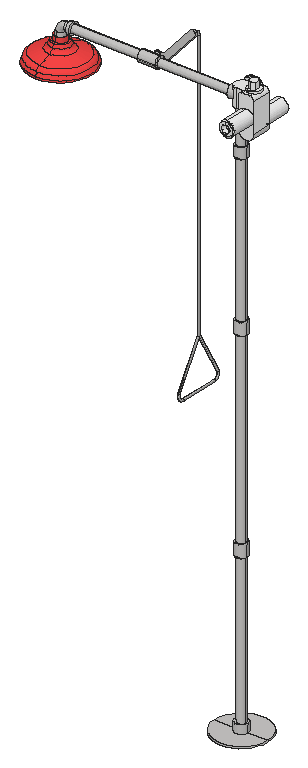
Revit family "Emergency_Equipment-Tepid-Floor_Mounted_Shower-T3015", category Plumbing Fixtures, Revit 2016
Family settings
  Part Type = Normal
  Round Connector Dimension = Use Diameter
  OmniClass Number = 23.45.05.14.24
  OmniClass Title = Eye Wash Fountains
  Work Plane-Based = No
  Always vertical = Yes
  Cut with Voids When Loaded = No
  Shared = No
  Room Calculation Point = No
Parameters (values of type "T3015-SS-NUL-NAAB")
  Version = "2016-v1.0a"  # constant formula
  Showerhead Material = Plastic - Stingray - ABS AB
  Shower Pull Height = 43.00"  # constant formula
  SS Showerhead = no
  Width = 11.80"  # constant formula
  Waste Connection = no
  Vent Connection = no
  URL = "www.tepid.com"
  Product Page URL = "http://www.tepid.com/products/t3015/"
  Product Name = "Floor Mounted Barrier Free Emergency Shower"  # constant formula
  Product Documentation Link = "http://www.tepid.com/wp-content/uploads/SpSh-T3010T3015.pdf"
  Pipe Finish = Metal - Stingray - Stainless Steel SS
  Model = "T3015-SS-NUL-NAAB"
  Manufacturer Phone Number = "(888) 445-4142"  # constant formula
  Manufacturer Email = "customerservice@drenchshower.com"
  Manufacturer Address = "5330 East 25th Street Indianapolis Indiana 46218"  # constant formula
  Manufacturer = "Stingray Systems"  # constant formula
  Length = if(AB Showerhead, 36.60", 32.50")  # 36.60"
  Height = 93.60"  # constant formula
  HW Diameter = 1 1/4"  # constant formula
  HW Connection = yes
  Dimension Disclaimer = "Dimensions are ±0.50”. Design and specifications are subject to change without notice."  # constant formula
  Description = "Floor Mounted Emergency Shower"  # constant formula
  Copyright = "© 2019 Stingray Systems"  # constant formula
  Supply Connection = 1"
  CW Diameter = 1 1/4"  # constant formula
  CW Connection = yes
  Base Finish = Metal - Stingray - Stainless Steel SS
  AB Showerhead = yes
Types (7): name | Showerhead Material | SS Showerhead | Pipe Finish | Model | Length | Base Finish | AB Showerhead
  (no name) | Plastic - Stingray - ABS AB | no | Metal - Stingray - Stainless Steel SS | "T3015-SS-NUL-NAAB" | 36.60" | Metal - Stingray - Stainless Steel SS | yes
  T3015-GA-NUL-NASS | Metal - Stingray - Stainless Steel SS | yes | Metal - Stingray - Galvanized GA | "T3015-GA-NUL-NASS" | 32.50" | Metal - Stingray - Epoxy Coated EP | no
  T3015-GA-NUL-NAAB | Plastic - Stingray - ABS AB | no | Metal - Stingray - Galvanized GA | "T3015-GA-NUL-NAAB" | 36.60" | Metal - Stingray - Epoxy Coated EP | yes
  T3015-EP-NUL-NASS | Metal - Stingray - Stainless Steel SS | yes | Metal - Stingray - Epoxy Coated EP | "T3015-EP-NUL-NASS" | 32.50" | Metal - Stingray - Epoxy Coated EP | no
  T3015-EP-NUL-NAAB | Plastic - Stingray - ABS AB | no | Metal - Stingray - Epoxy Coated EP | "T3015-EP-NUL-NAAB" | 36.60" | Metal - Stingray - Epoxy Coated EP | yes
  T3015-SS-NUL-NAAB | Plastic - Stingray - ABS AB | no | Metal - Stingray - Stainless Steel SS | "T3015-SS-NUL-NAAB" | 36.60" | Metal - Stingray - Stainless Steel SS | yes
  T3015-SS-NUL-NASS | Metal - Stingray - Stainless Steel SS | yes | Metal - Stingray - Stainless Steel SS | "T3015-SS-NUL-NASS" | 32.50" | Metal - Stingray - Stainless Steel SS | no
Reference planes (in)
  plane 1 "Center (Front/Back)": y = 0
  plane 2: z = 0
  plane 3 "Center (Left/Right)": x = 0
  plane 4 "Top": z = 93.6827754
  plane 5: y = 5.5
  plane 6: y = -5.5
  plane 7: z = 82.6827754
  plane 8 "Handle": z = 43
  plane 9: x = -28
  plane 10: y = 1.5
  plane 11: y = -1.5
  plane 12: z = 88.3825
  plane 13 "P": x = -6.3841164
  plane 14: z = 93.6
  plane 15: x = -32.4838845
  plane 16: x = 4.1161155
  plane 17: y = 6.3
Forms (in)
  Revolve 1, solid, material "Metal - Stingray - Stainless Steel SS" <- "Base Finish"
    sketch origin (0, 0, 0) x (1, 0, 0) y (0, 0, 1)
      loop
        line (-4.1161155, 0.2538725) -> (-4.1161155, 0) -> (0, 0) -> (0, 1.4845553) -> (-1, 1.4845553) -> (-1, 0.2538725) -> (-4.1161155, 0.2538725)
      axis (0, 1.4845553) -> (0, 0)
    angle from 0 to 360
  Revolve 2, solid, material "Metal - Stingray - Stainless Steel SS" <- "Pipe Finish"
    sketch origin (0, 0, 0) x (1, 0, 0) y (0, 0, 1)
      loop
        line (0, 0) -> (0, 88.3272246) -> (-0.6234152, 88.3272246) -> (-0.6234152, 81.5025) -> (-0.8050291, 81.5025) -> (-0.8745598, 81.4329693) -> (-0.8745598, 79.8845307) -> (-0.8050291, 79.815) -> (-0.6234152, 79.815) -> (-0.6234152, 57.3035098) -> (-0.8050291, 57.3035098) -> (-0.8745598, 57.2339791) -> (-0.8745598, 55.3589469) -> (-0.8050291, 55.2894162) -> (-0.6234152, 55.2894162) -> (-0.6234152, 26.5000702) -> (-0.8050291, 26.5000702) -> (-0.8745598, 26.4305396) -> (-0.8745598, 24.5555074) -> (-0.8050291, 24.4859767) -> (-0.6234152, 24.4859767) -> (-0.6234152, 0) -> (0, 0)
      axis (0, 88.3272246) -> (0, 0)
    angle from 0 to 360
  Sweep 3, solid, material "Metal - Stingray - Stainless Steel SS" <- "Pipe Finish"
    path origin (0, 0, 0) x (1, 0, 0) y (0, 0, 1)
      loop
        arc (-28, 87.3825) -> (-27.7071068, 88.0896068) -> (-27, 88.3825) r 1
        line (-27, 88.3825) -> (-25.75, 88.3825)
    profile origin (-26.375, 0, 88.3825) x (0, 0, 1) y (0, -1, 0)
      loop
        circle (0, 0) r 0.5625
  Sweep 4, solid, material "Metal - Stingray - Stainless Steel SS"
    path origin (-6.3841164, 0, 0) x (0, 0, -1) y (0, -1, 0)
      loop
        line (-93.0954092, -1.5) -> (-93.0954092, -2)
        arc (-93.0954092, -2) -> (-92.9400791, -2.375) -> (-92.5650791, -2.5303301) r 0.5303301
        line (-92.5650791, -2.5303301) -> (-50.7885537, -2.5303301) -> (-44.3459517, -6.2499681)
        arc (-44.3459517, -6.2499681) -> (-43.565988, -6.2271557) -> (-43.15625, -5.5630934) r 0.8222872
        line (-43.15625, -5.5630934) -> (-43.15625, 0.5024333)
        arc (-43.15625, 0.5024333) -> (-43.565988, 1.1664955) -> (-44.3459517, 1.1893079) r 0.8222872
        line (-44.3459517, 1.1893079) -> (-50.8508822, -2.5663154)
    profile origin (-6.3841164, 1.75, 93.0954092) x (0, 0, -1) y (-1, 0, 0)
      loop
        circle (0, 2.2862523) r 0.1194136
  Extrusion 5, solid, material "Metal - Stingray - Stainless Steel SS"
    sketch origin (5.25, 0, 0) x (1, 0, 0) y (0, 0, 1)
      loop
        circle (-19.2551791, 88.3825) r 0.3862082
    from -1.3240169 to 0
  Revolve 6, solid, material "Metal - Stingray - Stainless Steel SS" <- "Pipe Finish"
    sketch origin (0, 0, 0) x (1, 0, 0) y (0, 0, 1)
      loop
        line (-1.5519939, 87.7590848) -> (-1.5519939, 87.5774709) -> (-1.4824632, 87.5079402) -> (0, 87.5079402) -> (0, 88.3825) -> (-26.5, 88.3825) -> (-26.5, 87.5079402) -> (-26, 87.5079402) -> (-26, 87.7590848) -> (-1.5519939, 87.7590848)
      axis (0, 88.3825) -> (-26.5, 88.3825)
    angle from 0 to 360
  Revolve 7, solid, material "Metal - Stingray - Stainless Steel SS"
    sketch origin (0, 0, 0) x (1, 0, 0) y (0, 0, 1)
      loop
        line (-12.5889043, 88.3825) -> (-15.4110957, 88.3825) -> (-15.4110957, 87.5774709) -> (-15.341565, 87.5079402) -> (-12.658435, 87.5079402) -> (-12.5889043, 87.5774709) -> (-12.5889043, 88.3825)
      axis (-12.5889043, 88.3825) -> (-15.4110957, 88.3825)
    angle from 0 to 360
  Revolve 8, solid, material "Metal - Stingray - Nickel"
    sketch origin (1.9605694, 0.0129745, 83.8872092) x (0, 0, -1) y (0, -1, 0)
      loop
        line (-1.3336541, -0.4974474) -> (-2.4586541, -0.4974474) -> (-2.4586541, -5.2195117) -> (-2.2894069, -5.3575089) -> (-1.7086541, -5.3575089) -> (-1.7086541, -4.6075089) -> (-1.3336541, -4.6075089) -> (-1.3336541, -0.4974474)
      axis (-1.3336541, -0.4974474) -> (-1.3336541, -5.3575089)
    angle from 0 to 360
  Revolve 9, solid, material "Metal - Stingray - Nickel"
    sketch origin (1.9605694, -1.4870255, 85.2309592) x (0, 0, -1) y (0, -1, 0)
      loop
        line (-1.3294228, -1.4974474) -> (-0.1731728, -1.4974474) -> (-0.1731728, 3.7609719) -> (-0.31117, 3.8989691) -> (-0.6887978, 3.8989691) -> (-0.6887978, 3.1489691) -> (-1.3294228, 3.1489691) -> (-1.3294228, -1.4974474)
      axis (-1.3294228, 3.8989691) -> (-1.3294228, -1.4974474)
    angle from 0 to 360
  Revolve 10, solid, material "Metal - Stingray - Nickel"
    sketch origin (0.0209786, 0.0078693, 92.286763) x (0, 0, 1) y (0, 1, 0)
      loop
        line (-3.9570073, 2.4568158) -> (-3.9570073, -0.2548666) -> (-3.4130622, -0.2548666) -> (-3.4130622, 1.4070843) -> (-3.5970357, 1.4070843) -> (-3.5970357, 1.8309269) -> (-2.5094274, 1.8309269) -> (-2.5094274, 2.2068158) -> (-2.3957966, 2.2068158) -> (-2.3957966, 2.4568158) -> (-3.9570073, 2.4568158)
      axis (-3.9570073, 2.4568158) -> (-3.9570073, -0.2548666)
    angle from 0 to 360
  Extrusion 11, solid, material "Metal - Stingray - Nickel"
    sketch origin (4.2105694, 0.0104219, 28.7119861) x (0, 1, 0) y (-1, 0, 0)
      loop
        circle (0, 2.1989068) r 1
    from 61.0252385 to 61.2505139
  Extrusion 12, solid, material "Metal - Stingray - Nickel"
    sketch origin (4.2105694, 0.0104219, 28.7119861) x (0, 1, 0) y (-1, 0, 0)
      loop
        line (-0.3117691, 2.784295) -> (-0.6329153, 2.2280536) -> (-0.3305231, 1.704295) -> (0.3117691, 1.704295) -> (0.6235383, 2.244295) -> (0.3117691, 2.784295) -> (-0.3117691, 2.784295)
    from 61.2505139 to 62.3115139
  Extrusion 13, solid, material "Metal - Stingray - Nickel"
    sketch origin (2.2862523, 0, -0.6922246) x (1, 0, 0) y (0, 0, 1)
      loop
        line (-1.4999779, 89.8047246) -> (-1.4999779, 85.2680741)
        arc (-1.4999779, 85.2680741) -> (-0.3199779, 84.0880741) -> (0.8600221, 85.2680741) r 1.18
        line (0.8600221, 85.2680741) -> (0.8600221, 89.8047246)
        arc (0.8600221, 89.8047246) -> (0.6696415, 90.264344) -> (0.2100221, 90.4547246) r 0.65
        line (0.2100221, 90.4547246) -> (-0.8499779, 90.4547246)
        arc (-0.8499779, 90.4547246) -> (-1.3095973, 90.264344) -> (-1.4999779, 89.8047246) r 0.65
    from -1.4045318 to 1.490865
  Extrusion 14, solid, material "Metal - Stingray - Nickel"
    sketch origin (4.2105694, 0.0104219, 28.7119861) x (0, 1, 0) y (-1, 0, 0)
      loop
        line (-1.1, 4.124295) -> (-1.1, 2.4653999) -> (1.1, 2.4653999) -> (1.1, 4.124295)
        arc (1.1, 4.124295) -> (0, 5.224295) -> (-1.1, 4.124295) r 1.1
    from 58.2905139 to 61.0505139
  Extrusion 15, solid, material "Metal - Stingray - Stainless Steel SS"
    sketch origin (0, 0, 0) x (1, 0, 0) y (0, 0, 1)
      loop
        line (-8.9247214, 93.548737) -> (-12.6924349, 89.1904102)
        arc (-12.6924349, 89.1904102) -> (-12.964197, 89.03385) -> (-13.2401858, 88.8848672) r 11.3371038
        line (-13.2401858, 88.8848672) -> (-14.0214358, 88.8848672)
        arc (-14.0214358, 88.8848672) -> (-14.5214358, 88.3848672) -> (-14.0214358, 87.8848672) r 0.5
        line (-14.0214358, 87.8848672) -> (-13.1347892, 87.8848672)
        arc (-13.1347892, 87.8848672) -> (-12.6036432, 88.1582884) -> (-12.0864255, 88.4572215) r 12.2778994
        line (-12.0864255, 88.4572215) -> (-8.1959026, 92.8615857)
        arc (-8.1959026, 92.8615857) -> (-8.2360581, 93.5490774) -> (-8.9247214, 93.548737) r 0.5016769
    from -1.5 to -1.3240169
  Revolve 16, solid, material "Metal - Stingray - Nickel", not visible
    sketch origin (-0.3256829, 0.0129745, 84.5794338) x (0, 0, -1) y (0, -1, 0)
      loop
        line (-0.6336541, -0.4974474) -> (-1.7586541, -0.4974474) -> (-1.7586541, -5.2195117) -> (-1.5894069, -5.3575089) -> (-1.0086541, -5.3575089) -> (-1.0086541, -4.6075089) -> (-0.6336541, -4.6075089) -> (-0.6336541, -0.4974474)
      axis (-0.6336541, -0.4974474) -> (-0.6336541, -5.3575089)
    angle from 0 to 360
  Revolve 17, solid, material "Metal - Stingray - Nickel", not visible
    sketch origin (-0.3256829, -1.4870255, 85.9231838) x (0, 0, -1) y (0, -1, 0)
      loop
        line (-0.7294228, -1.4974474) -> (0.4268272, -1.4974474) -> (0.4268272, 3.7609719) -> (0.28883, 3.8989691) -> (-0.0887978, 3.8989691) -> (-0.0887978, 3.1489691) -> (-0.7294228, 3.1489691) -> (-0.7294228, -1.4974474)
      axis (-0.7294228, 3.8989691) -> (-0.7294228, -1.4974474)
    angle from 0 to 360
  Revolve 18, solid, material "Metal - Stingray - Nickel", not visible
    sketch origin (-2.2652737, 0.0078693, 92.9789876) x (0, 0, 1) y (0, 1, 0)
      loop
        line (-3.9570073, 2.4568158) -> (-3.9570073, -0.2548666) -> (-3.4130622, -0.2548666) -> (-3.4130622, 1.4070843) -> (-3.5970357, 1.4070843) -> (-3.5970357, 1.8309269) -> (-2.5094274, 1.8309269) -> (-2.5094274, 2.2068158) -> (-2.3957966, 2.2068158) -> (-2.3957966, 2.4568158) -> (-3.9570073, 2.4568158)
      axis (-3.9570073, 2.4568158) -> (-3.9570073, -0.2548666)
    angle from 0 to 360
  Extrusion 19, solid, material "Metal - Stingray - Nickel", not visible
    sketch origin (1.9243171, 0.0104219, 29.4042107) x (0, 1, 0) y (-1, 0, 0)
      loop
        circle (0, 2.1989068) r 1
    from 61.0252385 to 61.2505139
  Extrusion 20, solid, material "Metal - Stingray - Nickel", not visible
    sketch origin (1.9243171, 0.0104219, 29.4042107) x (0, 1, 0) y (-1, 0, 0)
      loop
        line (-0.3117691, 2.784295) -> (-0.6329153, 2.2280536) -> (-0.3305231, 1.704295) -> (0.3117691, 1.704295) -> (0.6235383, 2.244295) -> (0.3117691, 2.784295) -> (-0.3117691, 2.784295)
    from 61.2505139 to 62.3115139
  Extrusion 21, solid, material "Metal - Stingray - Nickel", not visible
    sketch origin (0, 0, 0) x (1, 0, 0) y (0, 0, 1)
      loop
        line (-1.4999779, 89.8047246) -> (-1.4999779, 85.2680741)
        arc (-1.4999779, 85.2680741) -> (-0.3199779, 84.0880741) -> (0.8600221, 85.2680741) r 1.18
        line (0.8600221, 85.2680741) -> (0.8600221, 89.8047246)
        arc (0.8600221, 89.8047246) -> (0.6696415, 90.264344) -> (0.2100221, 90.4547246) r 0.65
        line (0.2100221, 90.4547246) -> (-0.8499779, 90.4547246)
        arc (-0.8499779, 90.4547246) -> (-1.3095973, 90.264344) -> (-1.4999779, 89.8047246) r 0.65
    from -1.4045318 to 1.490865
  Extrusion 22, solid, material "Metal - Stingray - Nickel", not visible
    sketch origin (1.9243171, 0.0104219, 29.4042107) x (0, 1, 0) y (-1, 0, 0)
      loop
        line (-1.1, 4.124295) -> (-1.1, 2.4653999) -> (1.1, 2.4653999) -> (1.1, 4.124295)
        arc (1.1, 4.124295) -> (0, 5.224295) -> (-1.1, 4.124295) r 1.1
    from 58.2905139 to 61.0505139
Cuts and joins
  joined: Revolve 2, Sweep 3, Revolve 6
  joined: Extrusion 5, Revolve 7
  joined: Revolve 9, Revolve 10, Extrusion 11, Extrusion 12, Extrusion 13, Extrusion 14
Lines and regions (in)
  Masking region 1, visible <- "AB Showerhead"
    outline origin (0, 0, 43) x (0, 1, 0) y (-1, 0, 0)
      loop
        line (0.5625, 23.1575607) -> (0.5625, 26) -> (0.8966023, 26) -> (0.8966023, 26.5) -> (0.5599503, 26.5) -> (0.5599503, 28)
        arc (0.5599503, 28) -> (0, 28.5599503) -> (-0.5599503, 28) r 0.5599503
        line (-0.5599503, 28) -> (-0.5599503, 26.5) -> (-0.8966023, 26.5) -> (-0.8966023, 26) -> (-0.5625, 26) -> (-0.5625, 23.1575607)
        arc (-0.5625, 23.1575607) -> (0, 32.875) -> (0.5625, 23.1575607) r 4.875
  Masking region 2, visible <- "AB Showerhead", detail levels medium+fine
    outline origin (0, 0, 43) x (0, 1, 0) y (-1, 0, 0)
      loop
        line (0.5599503, 27.6568458) -> (0.5599503, 28)
        arc (0.5599503, 28) -> (0, 28.5599503) -> (-0.5599503, 28) r 0.5599503
        line (-0.5599503, 28) -> (-0.5599503, 27.6568458)
        arc (-0.5599503, 27.6568458) -> (0, 28.6567337) -> (0.5599503, 27.6568458) r 0.6567337
  Masking region 3, visible <- "AB Showerhead", detail levels fine
    outline origin (0, 0, 43) x (0, 1, 0) y (-1, 0, 0)
      loop
        arc (0.5599503, 27.2480945) -> (0, 28.9375) -> (-0.5599503, 27.2480945) r 0.9375
        line (-0.5599503, 27.2480945) -> (-0.5599503, 27.0156277)
        arc (-0.5599503, 27.0156277) -> (0, 29.1324898) -> (0.5599503, 27.0156277) r 1.1324898
        line (0.5599503, 27.0156277) -> (0.5599503, 27.2480945)
  Masking region 4, visible <- "SS Showerhead"
    outline origin (-4.5464855, -5.8872336, 43) x (0, 1, 0) y (-1, 0, 0)
      loop
        circle (5.8872336, 23.4535145) r 0.8125
  Masking region 5, visible <- "SS Showerhead", detail levels medium+fine
    outline origin (-4.5464855, -5.8872336, 43) x (0, 1, 0) y (-1, 0, 0)
      loop
        circle (5.8872336, 23.4535145) r 0.5999648
  Masking region 6, visible <- "SS Showerhead", detail levels fine
    outline origin (-4.5464855, -5.8872336, 43) x (0, 1, 0) y (-1, 0, 0)
      loop
        circle (5.8872336, 23.4535145) r 0.6991181
  Masking region 7
    outline origin (27.64, 0, 43) x (0, 1, 0) y (-1, 0, 0)
      loop
        arc (3.8372592, 29.1292444) -> (-0.0207071, 31.7560634) -> (-3.8520488, 29.090561) r 4.1161155
        line (-3.8520488, 29.090561) -> (-5.3859946, 29.090561) -> (-5.3859946, 26.8792444) -> (-4.0452018, 26.8792444)
        arc (-4.0452018, 26.8792444) -> (0, 23.5238845) -> (4.0452018, 26.8792444) r 4.1161155
        line (4.0452018, 26.8792444) -> (5.5, 26.8792444) -> (5.5, 29.1292444) -> (3.8372592, 29.1292444)
  Masking region 8, detail levels medium+fine
    outline origin (34.4611996, 9.8865169, 94.375) x (0, 1, 0) y (-1, 0, 0)
      loop
        line (-10.4490169, 62.4611996) -> (-10.4490169, 60.9611996) -> (-10.7831192, 60.9611996) -> (-10.7831192, 60.4611996) -> (-10.4490169, 60.4611996) -> (-10.4490169, 49.8784042) -> (-10.6854371, 49.8784042) -> (-10.7610767, 49.8027646) -> (-10.7610767, 47.1218279) -> (-10.6891254, 47.0498767) -> (-10.457317, 47.0498767) -> (-10.457317, 43.2590698) -> (-11.2733389, 43.2590698) -> (-11.2733389, 43.0014421) -> (-10.457317, 43.0014421) -> (-10.457317, 36.0072253) -> (-10.7628177, 36.0072253) -> (-10.7628177, 34.4611996)
        arc (-10.7628177, 34.4611996) -> (-9.8865169, 33.5848987) -> (-9.010216, 34.4611996) r 0.8763009
        line (-9.010216, 34.4611996) -> (-9.010216, 36.0072253) -> (-9.3240169, 36.0072253) -> (-9.3240169, 43.0014421) -> (-8.5625, 43.0014421) -> (-8.5625, 42.5072253) -> (-8.3865169, 42.5072253) -> (-8.3865169, 43.0014421) -> (-3.4364683, 43.0014421) -> (-3.4364683, 43.2590698) -> (-8.3865169, 43.2590698) -> (-8.3865169, 48.8996282) -> (-9.011957, 48.8996282) -> (-9.011957, 49.8027646) -> (-9.0875967, 49.8784042) -> (-9.3240169, 49.8784042) -> (-9.3240169, 60.4611996) -> (-8.9899146, 60.4611996) -> (-8.9899146, 60.9611996) -> (-9.3265666, 60.9611996) -> (-9.3265666, 62.4611996)
        arc (-9.3265666, 62.4611996) -> (-9.8865169, 63.0211499) -> (-10.4464671, 62.4611996) r 0.5599503
  Masking region 9, detail levels coarse
    outline origin (33.4973249, 20.0406069, 94.375) x (0, 1, 0) y (-1, 0, 0)
      loop
        arc (-19.4806567, 61.4973249) -> (-20.0406069, 62.0572752) -> (-20.6005572, 61.4973249) r 0.5599503
      loop
        line (-19.4781069, 61.4973249) -> (-19.4781069, 48.9145296) -> (-19.1660471, 48.9145296) -> (-19.1660471, 46.086002) -> (-19.4781069, 46.086002) -> (-19.4781069, 35.0433506) -> (-19.164306, 35.0433506) -> (-19.164306, 33.4973249)
        arc (-19.164306, 33.4973249) -> (-20.0406069, 32.621024) -> (-20.9169078, 33.4973249) r 0.8763009
        line (-20.9169078, 33.4973249) -> (-20.9169078, 35.0433506) -> (-20.611407, 35.0433506) -> (-20.611407, 46.086002) -> (-20.9151667, 46.086002) -> (-20.9151667, 48.9145296) -> (-20.6031069, 48.9145296) -> (-20.6031069, 61.4973249)
  symbolic lines, detail levels fine
    curve 1: line (-8.5402425, 1.3240169, 34.1895908) -> (-14.4384286, 1.3240169, 34.1895908)
    curve 2: line (-26.5, 0.5599503, 34.1895908) -> (-26.5, -0.5625, 34.1895908)
    curve 3: line (-26, 0.5625, 34.1895908) -> (-26, -0.5625, 34.1895908)
    curve 4: line (-15.4172046, 0.5625, 34.1895908) -> (-15.4172046, -0.5625, 34.1895908)
    curve 5: line (-12.5890722, -0.5708001, 34.1895908) -> (-12.5890722, 0.8056496, 34.1895908)
    curve 6: line (-14.4384286, 0.8745598, 34.1895908) -> (-12.6579824, 0.8745598, 34.1895908)
    curve 7: line (-12.6579824, 0.8745598, 34.1895908) -> (-12.5890722, 0.8056496, 34.1895908)
    curve 8: line (-8.5402425, 0.5625, 34.1895908) -> (-12.5890722, 0.5625, 34.1895908)
    curve 9: line (-8.7978702, 0.5625, 34.1895908) -> (-8.7978702, 1.3240169, 34.1895908)
    curve 10: line (-13.9289683, 1.3240169, 34.1895908) -> (-13.9289683, 0.8745598, 34.1895908)
    curve 11: arc (0, 0.8763009, 34.1895908) -> (-0.8763009, 0, 34.1895908) -> (0, -0.8763009, 34.1895908) r 0.8763009
  symbolic lines, detail levels medium+fine
    curve 12: line (-1.4637256, 3.8495295, 34.1895908) -> (-1.4637256, 0.879374, 34.1895908)
    curve 13: line (0.7862744, 4.0437034, 34.1895908) -> (0.7862744, 0.3931882, 34.1895908)
    curve 14: line (-1.4637256, -3.8433833, 34.1895908) -> (-1.4637256, -0.8732278, 34.1895908)
    curve 15: line (0.7862744, -4.0375572, 34.1895908) -> (0.7862744, -0.3870419, 34.1895908)
    curve 16: line (-2.804987, 0.5655731, 34.1895908) -> (-2.804987, 1.8391074, 34.1895908)
    curve 17: line (-2.804987, 1.8391074, 34.1895908) -> (-3.4590063, 1.8391074, 34.1895908)
    curve 18: line (-3.4590063, 1.8391074, 34.1895908) -> (-3.4590063, 2.4649963, 34.1895908)
    curve 19: line (-3.4590063, 2.4649963, 34.1895908) -> (-1.4637256, 2.4649963, 34.1895908)
    curve 20: line (-1.4637256, 2.4649963, 34.1895908) -> (-1.4637256, 1.8763562, 34.1895908)
    curve 21: line (-1.4637256, 1.8763562, 34.1895908) -> (-1.6973865, 1.8763562, 34.1895908)
    curve 22: line (-1.6973865, 1.8763562, 34.1895908) -> (-1.6973865, 0.5655731, 34.1895908)
Dimensions and locks (in)
  plane 12 to level = 88.3825"
  plane 3 "Center (Left/Right)" to Revolve 1 sketch curve to Revolve 1 sketch curve to Revolve 1 sketch curve to Revolve 1 sketch curve = 0.00" locked, 0.00" locked, 1.00" locked, 3.11612" locked
  Revolve 1 sketch curve to Revolve 1 sketch curve to plane 2 to Revolve 1 sketch curve = 1.23068" locked, 0.25387" locked, 0.00" locked
  equal spacing: plane 6, plane 1 "Center (Front/Back)", plane 5
  locked: plane 4 "Top" to plane 7 at 11
  "Shower Pull Height": plane 8 "Handle" to plane 2
  equal spacing: plane 10, plane 1 "Center (Front/Back)", plane 11
  locked: plane 10 to plane 11 at 3
  plane 4 "Top" to plane 12 = 5.30028"
  locked: plane 10 to Extrusion 5 at 0.1759831
  locked: Sweep 4 sketch curve to plane 4 "Top" at 0.5873662
  locked: Sweep 4 sketch curve to plane 9 at 19.3296313
  plane 4 "Top" to Sweep 4 sketch curve to Sweep 4 sketch curve = 0.58737" locked, 0.53033" locked
  Sweep 4 sketch curve to Sweep 4 sketch curve to Sweep 4 sketch curve to Sweep 4 sketch curve to Sweep 4 sketch curve to plane 8 "Handle" = 0.06233" locked, 6.4426" locked, 0.00" locked, 1.1897" locked, 0.15625" locked
  locked: plane 9 to Extrusion 5 sketch curve at 13.9948209
  Sweep 4 sketch curve to Sweep 4 sketch curve to plane 1 "Center (Front/Back)" to Sweep 4 sketch curve = 3.71964" locked, 2.53033" locked, 1.18931" locked
  plane 9 to Masking region 1 sketch curve to Masking region 1 sketch curve to Masking region 1 sketch curve to Masking region 1 sketch curve to Masking region 1 sketch curve to Masking region 1 sketch curve = 1.50" locked, 0.00" locked, 0.50" locked, 0.00" locked, 2.84244" locked, 0.00" locked
  Masking region 3 sketch curve to plane 1 "Center (Front/Back)" to Masking region 3 sketch curve = 0.55995" locked, 0.55995" locked
  plane 9 to Masking region 3 sketch curve to Masking region 3 sketch curve to Masking region 3 sketch curve to Masking region 3 sketch curve = 0.75191" locked, 0.00" locked, 0.23247" locked, 0.00" locked
  Masking region 2 sketch curve to plane 1 "Center (Front/Back)" to Masking region 2 sketch curve = 0.55995" locked, 0.55995" locked
  plane 9 to Masking region 2 sketch curve to Masking region 2 sketch curve = 0.34315" locked, 0.00" locked
  plane 9 to curve 2 to curve 3 to curve 4 to curve 1 to curve 6 to curve 7 to curve 5 to curve 9 to curve 8 to curve 1 = 1.50" locked, 0.50" locked, 10.5828" locked, 0.97878" locked, 0.00" locked, 1.78045" locked, 0.06891" locked, 3.7912" locked, 0.25763" locked, 0.00" locked
  plane 12 to Revolve 6 sketch curve to Revolve 6 sketch curve to Revolve 6 sketch curve to Revolve 6 sketch curve = 0.00" locked, 0.80503" locked, 0.06953" locked, 0.00" locked
  plane 9 to Revolve 6 sketch curve to Revolve 6 sketch curve = 1.50" locked, 0.50" locked
  plane 3 "Center (Left/Right)" to Revolve 6 sketch curve to Revolve 6 sketch curve = 1.48246" locked, 0.06953" locked
  plane 12 to Revolve 7 sketch curve to Revolve 7 sketch curve = 0.00" locked, 0.87456" locked
  plane 3 "Center (Left/Right)" to Revolve 7 sketch curve to Revolve 7 sketch curve to Revolve 7 sketch curve to Revolve 7 sketch curve = 12.5889" locked, 0.06953" locked, 2.68313" locked, 0.06953" locked
  plane 3 "Center (Left/Right)" to plane 13 "P" = 6.38412"
  plane 9 to Masking region 8 sketch curve to Masking region 8 sketch curve to Masking region 8 sketch curve to Masking region 8 sketch curve = 1.50" locked, 0.00" locked, 0.50" locked, 0.00" locked
  Masking region 8 sketch curve to Masking region 8 sketch curve to Masking region 8 sketch curve to Masking region 8 sketch curve to Masking region 8 sketch curve to Masking region 8 sketch curve to Masking region 8 sketch curve to Masking region 8 sketch curve to Masking region 8 sketch curve to Masking region 8 sketch curve to Masking region 8 sketch curve to Masking region 8 sketch curve to Masking region 8 sketch curve to Masking region 8 sketch curve to plane 3 "Center (Left/Right)" = 0.00" locked, 0.07564" locked, 0.00" locked, 0.90314" locked, 1.84975", 3.79081" locked, 0.00" locked, 0.25763" locked, 0.00" locked, 0.00" locked, 0.49422" locked, 6.50" locked, 0.00" locked, 1.54603" locked
  Masking region 9 sketch curve to Masking region 9 sketch curve to Masking region 9 sketch curve to Masking region 9 sketch curve to Masking region 9 sketch curve to Masking region 9 sketch curve to plane 3 "Center (Left/Right)" = 0.00" locked, 2.82853" locked, 0.00" locked, 11.04265" locked, 0.00" locked, 1.54603" locked
  locked: nested 1 to plane 3 "Center (Left/Right)" at 27.1875  (x2)
  nested 1 to plane 3 "Center (Left/Right)" = 28.00"  (x2)
  locked: nested 1 to plane 3 "Center (Left/Right)" at 28.8125  (x2)
  locked: nested 1 to plane 1 "Center (Front/Back)" at 0.8125  (x2)
  locked: nested 1 to plane 1 "Center (Front/Back)" at 0  (x2)
  locked: plane 1 "Center (Front/Back)" to nested 1 at 0.8125  (x2)
  level to nested 1 = 87.875"  (x2)
  level to nested 1 = 85.6875"  (x2)
  level to nested 1 = 83.50"  (x2)
  locked: nested 2 to plane 3 "Center (Left/Right)" at 23.125  (x2)
  nested 2 to plane 3 "Center (Left/Right)" = 28.00"  (x2)
  locked: nested 2 to plane 3 "Center (Left/Right)" at 32.875  (x2)
  locked: nested 2 to plane 1 "Center (Front/Back)" at 4.875  (x2)
  locked: nested 2 to plane 1 "Center (Front/Back)" at 0  (x2)
  locked: plane 1 "Center (Front/Back)" to nested 2 at 4.875  (x2)
  level to nested 2 = 87.90"  (x2)
  level to nested 2 = 85.40"  (x2)
  level to nested 2 = 82.90"  (x2)
  locked: Revolve 1 sketch curve to plane 3 "Center (Left/Right)" at 1  (x6)
  locked: Revolve 1 sketch curve to plane 3 "Center (Left/Right)" at 4.1161155  (x6)
  locked: Revolve 1 to level at 0.2538725  (x4)
  locked: Revolve 1 to level at 1.4845553  (x4)
  locked: Revolve 1 sketch curve to level at 1.4845553  (x6)
  locked: Revolve 1 sketch curve to level at 0.2538725  (x6)
  locked: Revolve 2 sketch curve to plane 3 "Center (Left/Right)" at 0.6234152  (x9)
  locked: Revolve 2 sketch curve to plane 3 "Center (Left/Right)" at 0.8745598  (x6)
  Revolve 2 sketch curve to level = 88.32722"  (x3)
  locked: Revolve 2 sketch curve to level at 57.3035098  (x3)
  locked: Revolve 2 sketch curve to level at 55.2894162  (x3)
  locked: Revolve 2 sketch curve to level at 26.5000702  (x3)
  locked: Revolve 2 sketch curve to level at 24.4859767  (x3)
  locked: Sweep 3 sketch curve to plane 3 "Center (Left/Right)" at 27
  locked: Sweep 3 sketch curve to plane 3 "Center (Left/Right)" at 28
  Sweep 3 sketch curve to level = 88.3825"  (x3)
  Sweep 3 sketch curve to level = 87.3825"
  Extrusion 12 to Extrusion 11 to Extrusion 14 to Extrusion 14 = 1.061" locked, 0.20" locked, 2.76" locked
  locked: plane 4 "Top" to Extrusion 12 at 3.7202754
  plane 13 "P" to Revolve 8 to Revolve 9 = 9.30044" locked, 0.0625" locked
  cut or joined group of Revolve 9, Revolve 10, Extrusion 11, Extrusion 12, Extrusion 13, Extrusion 14 to cut or joined group of Revolve 9, Revolve 10, Extrusion 11, Extrusion 12, Extrusion 13, Extrusion 14 to plane 12 = 0.22528", 1.35472" locked
  nested 2 to level = 82.90"
  nested 1 to level = 83.50"
  locked: plane 3 "Center (Left/Right)" to plane 16 at 4.1161155
  "Length": plane 15 to plane 16
  "Height": plane 14 to level
  "Width": plane 17 to plane 6
  aligned and locked: plane 2 to level
  aligned and locked: plane 3 "Center (Left/Right)" to Revolve 2 sketch curve
  aligned and locked: nested 1 to plane 9
  aligned and locked: nested 2 to plane 9
  aligned and locked: plane 1 "Center (Front/Back)" to nested 2
  aligned and locked: plane 12 to Extrusion 5 sketch curve
  aligned and locked: plane 1 "Center (Front/Back)" to Extrusion 5
  aligned and locked: plane 1 "Center (Front/Back)" to Sweep 3 sketch curve
  aligned and locked: plane 9 to Masking region 1 sketch curve
  aligned and locked: plane 1 "Center (Front/Back)" to Masking region 1 sketch curve
  aligned and locked: plane 9 to Masking region 4 sketch curve
  aligned and locked: plane 1 "Center (Front/Back)" to Masking region 4 sketch curve
  aligned and locked: plane 1 "Center (Front/Back)" to Masking region 3 sketch curve
  aligned and locked: plane 9 to Masking region 3 sketch curve  (x2)
  aligned and locked: plane 9 to Masking region 6 sketch curve
  aligned and locked: plane 1 "Center (Front/Back)" to Masking region 6 sketch curve
  aligned and locked: plane 9 to Masking region 5 sketch curve
  aligned and locked: plane 1 "Center (Front/Back)" to Masking region 5 sketch curve
  aligned and locked: plane 9 to Masking region 2 sketch curve
  aligned and locked: plane 1 "Center (Front/Back)" to Masking region 2 sketch curve
  aligned and locked: Revolve 2 sketch curve to plane 2
  aligned and locked: plane 3 "Center (Left/Right)" to Revolve 6 sketch curve  (x2)
  aligned and locked: plane 9 to Revolve 6 sketch curve
  aligned and locked: plane 12 to Revolve 6 sketch curve
  aligned and locked: plane 9 to Revolve 7 sketch curve
  aligned and locked: plane 3 "Center (Left/Right)" to Revolve 7 sketch curve
  aligned and locked: plane 12 to Revolve 7 sketch curve
  aligned and locked: plane 9 to Masking region 9 sketch curve
  aligned and locked: plane 1 "Center (Front/Back)" to Masking region 9 sketch curve  (x2)
  aligned and locked: plane 3 "Center (Left/Right)" to Masking region 9 sketch curve
Automatic sketch dimensions
  Revolve 1 sketch curve to level = 0.96462"
  Revolve 1 sketch curve to Revolve 1 sketch curve = 4.20312"
  Revolve 6 sketch curve to Revolve 6 sketch curve = 0.18161"
  Revolve 7 sketch curve to Revolve 7 sketch curve = 0.06953"  (x2)
  curve 11 to plane 3 "Center (Left/Right)" = 0.00"
  plane 1 "Center (Front/Back)" to curve 11 = 0.00"
  curve 7 to plane 10 = 0.69435"
  curve 5 to curve 6 = 0.06891"
  plane 1 "Center (Front/Back)" to curve 4 = 0.5625"
  plane 1 "Center (Front/Back)" to curve 3 = 0.5625"
  curve 2 to curve 3 = 0.00"
  plane 1 "Center (Front/Back)" to curve 5 = 0.5708"
  curve 11 to plane 11 = 0.6237"
  curve 2 to plane 1 "Center (Front/Back)" = 0.55995"
  curve 4 to plane 1 "Center (Front/Back)" = 0.5625"
  curve 2 to curve 3 = 0.00255"
  curve 9 to plane 1 "Center (Front/Back)" = 0.5625"
  curve 1 to plane 10 = 0.17598"
  curve 10 to curve 6 = 0.50946"
  Sweep 4 sketch curve to plane 10 = 0.00"
  plane 5 to Sweep 4 sketch curve = 0.01503"
  Sweep 4 sketch curve to Sweep 4 sketch curve = 0.36882"
  plane 1 "Center (Front/Back)" to Sweep 4 sketch curve = 0.45437"
  Sweep 4 sketch curve to Sweep 4 sketch curve = 0.82088"
  Sweep 4 sketch curve to Sweep 4 sketch curve = 0.03599"
  Masking region 1 sketch curve to Masking region 1 sketch curve = 0.00"  (x2)
  plane 1 "Center (Front/Back)" to Masking region 1 sketch curve = 0.55995"
  plane 1 "Center (Front/Back)" to Masking region 1 sketch curve = 0.5625"
  Masking region 1 sketch curve to Masking region 1 sketch curve = 0.33665"
  Masking region 1 sketch curve to Masking region 1 sketch curve = 0.3341"
  Masking region 2 sketch curve to Masking region 2 sketch curve = 0.00"  (x2)
  Masking region 3 sketch curve to Masking region 3 sketch curve = 0.00"  (x2)
  Masking region 8 sketch curve to plane 3 "Center (Left/Right)" = 0.00"
  Masking region 8 sketch curve to plane 9 = 0.00"  (x2)
  plane 1 "Center (Front/Back)" to Masking region 8 sketch curve = 0.00"  (x2)
  Masking region 8 sketch curve to plane 10 = 0.00"  (x2)
  plane 1 "Center (Front/Back)" to Masking region 8 sketch curve = 0.5625"
  Masking region 8 sketch curve to Masking region 8 sketch curve = 0.00"
  plane 1 "Center (Front/Back)" to Masking region 8 sketch curve = 0.5708"  (x2)
  Masking region 8 sketch curve to Masking region 8 sketch curve = 0.23642"  (x2)
  Masking region 8 sketch curve to Masking region 8 sketch curve = 0.23181"
  Masking region 8 sketch curve to Masking region 8 sketch curve = 0.07195"  (x2)
  Masking region 8 sketch curve to Masking region 8 sketch curve = 0.3055"
  Masking region 8 sketch curve to Masking region 8 sketch curve = 0.3341"  (x2)
  Masking region 8 sketch curve to plane 11 = 0.11318"
  Masking region 8 sketch curve to plane 1 "Center (Front/Back)" = 0.55995"
  Masking region 8 sketch curve to plane 1 "Center (Front/Back)" = 0.5625"  (x2)
  Masking region 8 sketch curve to Masking region 8 sketch curve = 0.62544"
  Masking region 8 sketch curve to Masking region 8 sketch curve = 0.17598"
  plane 5 to Masking region 8 sketch curve = 0.95005"
  Masking region 9 sketch curve to plane 9 = 0.00"  (x2)
  plane 1 "Center (Front/Back)" to Masking region 9 sketch curve = 0.5625"
  plane 1 "Center (Front/Back)" to Masking region 9 sketch curve = 0.5708"
  Masking region 9 sketch curve to Masking region 9 sketch curve = 0.30376"
  Masking region 9 sketch curve to Masking region 9 sketch curve = 0.3055"
  Masking region 9 sketch curve to plane 1 "Center (Front/Back)" = 0.5625"
  Masking region 9 sketch curve to Masking region 9 sketch curve = 0.3138"
  Masking region 9 sketch curve to Masking region 9 sketch curve = 0.31206"
  Masking region 9 sketch curve to Masking region 9 sketch curve = 0.00255"
  Revolve 10 sketch curve to Revolve 10 sketch curve = 0.08579"
  Masking region 7 sketch curve to plane 5 = 0.00"
  Masking region 7 sketch curve to plane 6 = 0.11401"
  plane 3 "Center (Left/Right)" to Masking region 7 sketch curve = 0.76076"  (x2)
  Masking region 7 sketch curve to plane 3 "Center (Left/Right)" = 1.45056"
  Masking region 7 sketch curve to plane 3 "Center (Left/Right)" = 1.48924"
  Masking region 7 sketch curve to Masking region 7 sketch curve = 1.34079"
  Masking region 7 sketch curve to Masking region 7 sketch curve = 0.00"  (x2)
  plane 1 "Center (Front/Back)" to Masking region 7 sketch curve = 0.00"
  Masking region 7 sketch curve to plane 3 "Center (Left/Right)" = 0.00"
  Masking region 7 sketch curve to Masking region 7 sketch curve = 1.53395"
  Extrusion 15 sketch curve to Extrusion 15 sketch curve = 0.00"  (x3)
  plane 13 "P" to Extrusion 15 sketch curve = 12.10294"
  plane 12 to Extrusion 15 sketch curve = 0.50237"
  plane 12 to Extrusion 15 sketch curve = 0.07472"
  plane 13 "P" to Extrusion 15 sketch curve = 2.54061"
  Extrusion 15 sketch curve to Extrusion 15 sketch curve = 0.32247"
  plane 13 "P" to Extrusion 15 sketch curve = 7.63732"
  Extrusion 15 sketch curve to Extrusion 15 sketch curve = 0.78125"
  Extrusion 15 sketch curve to Extrusion 15 sketch curve = 0.88665"
  Extrusion 15 sketch curve to Extrusion 15 sketch curve = 0.54775"
  plane 13 "P" to Extrusion 15 sketch curve = 2.19609"
  Extrusion 15 sketch curve to Extrusion 15 sketch curve = 0.60601"
  Extrusion 15 sketch curve to Extrusion 15 sketch curve = 0.38431"
  Extrusion 15 sketch curve to Extrusion 15 sketch curve = 0.50"
  Extrusion 15 sketch curve to plane 4 "Top" = 0.82119"
  Revolve 8 sketch curve to Revolve 8 sketch curve = 0.16925"
  Revolve 8 sketch curve to Revolve 8 sketch curve = 0.58075"
  Revolve 8 sketch curve to Revolve 8 sketch curve = 0.375"
  Revolve 8 sketch curve to Revolve 8 sketch curve = 0.138"
  Revolve 8 sketch curve to Revolve 8 sketch curve = 0.75"
  Revolve 8 sketch curve to Revolve 8 sketch curve = 4.11006"
  Revolve 8 sketch curve to Revolve 8 sketch curve = 0.00"
  Revolve 8 sketch curve to Revolve 8 sketch curve = 0.55191"
  Revolve 8 sketch curve to Revolve 8 sketch curve = 0.43699"
  Revolve 9 sketch curve to Revolve 9 sketch curve = 0.64063"
  Revolve 9 sketch curve to Revolve 9 sketch curve = 0.37763"
  Revolve 9 sketch curve to Revolve 9 sketch curve = 0.138"  (x2)
  Revolve 9 sketch curve to Revolve 9 sketch curve = 4.64642"
  Revolve 9 sketch curve to Revolve 9 sketch curve = 0.612"
  Revolve 9 sketch curve to Revolve 9 sketch curve = 0.00"
  Revolve 9 sketch curve to Revolve 9 sketch curve = 1.84196"
  Revolve 9 sketch curve to Revolve 9 sketch curve = 0.43699"
  Revolve 10 sketch curve to Revolve 10 sketch curve = 0.35997"
  Revolve 10 sketch curve to Revolve 10 sketch curve = 0.54395"
  Revolve 10 sketch curve to Revolve 10 sketch curve = 1.08761"
  Revolve 10 sketch curve to Revolve 10 sketch curve = 0.11363"
  Revolve 10 sketch curve to Revolve 10 sketch curve = 1.66195"
  Revolve 10 sketch curve to Revolve 10 sketch curve = 0.42384"
  Revolve 10 sketch curve to Revolve 10 sketch curve = 0.37589"
  Revolve 10 sketch curve to Revolve 10 sketch curve = 0.25"
  Revolve 10 sketch curve to Revolve 10 sketch curve = 0.00"  (x2)
  Extrusion 12 sketch curve to Extrusion 12 sketch curve = 0.30239"
  Extrusion 12 sketch curve to Extrusion 12 sketch curve = 0.32115"
  Extrusion 12 sketch curve to Extrusion 12 sketch curve = 0.64229"
  Extrusion 12 sketch curve to Extrusion 12 sketch curve = 0.62354"
  Extrusion 12 sketch curve to Extrusion 12 sketch curve = 0.31177"
  Extrusion 12 sketch curve to Extrusion 12 sketch curve = 0.52376"
  Extrusion 12 sketch curve to Extrusion 12 sketch curve = 0.54"  (x2)
  Extrusion 13 sketch curve to Extrusion 13 sketch curve = 0.65"  (x2)
  Extrusion 13 sketch curve to Extrusion 13 sketch curve = 1.18"
  Extrusion 13 sketch curve to Extrusion 13 sketch curve = 4.53665"
  Extrusion 14 sketch curve to Extrusion 14 sketch curve = 1.10"
  Extrusion 14 sketch curve to Extrusion 14 sketch curve = 1.6589"
  Revolve 18 sketch curve to Revolve 18 sketch curve = 0.08579"
  Revolve 16 sketch curve to Revolve 16 sketch curve = 0.16925"
  Revolve 16 sketch curve to Revolve 16 sketch curve = 0.58075"
  Revolve 16 sketch curve to Revolve 16 sketch curve = 0.375"
  Revolve 16 sketch curve to Revolve 16 sketch curve = 0.138"
  Revolve 16 sketch curve to Revolve 16 sketch curve = 0.75"
  Revolve 16 sketch curve to Revolve 16 sketch curve = 4.11006"
  Revolve 16 sketch curve to Revolve 16 sketch curve = 0.00"
  Revolve 16 sketch curve to Revolve 16 sketch curve = 0.55191"
  Revolve 16 sketch curve to Revolve 16 sketch curve = 0.43699"
  Revolve 17 sketch curve to Revolve 17 sketch curve = 0.64063"
  Revolve 17 sketch curve to Revolve 17 sketch curve = 0.37763"
  Revolve 17 sketch curve to Revolve 17 sketch curve = 0.138"  (x2)
  Revolve 17 sketch curve to Revolve 17 sketch curve = 4.64642"
  Revolve 17 sketch curve to Revolve 17 sketch curve = 0.612"
  Revolve 17 sketch curve to Revolve 17 sketch curve = 0.00"
  Revolve 17 sketch curve to Revolve 17 sketch curve = 1.84196"
  Revolve 17 sketch curve to Revolve 17 sketch curve = 0.43699"
  Revolve 18 sketch curve to Revolve 18 sketch curve = 0.35997"
  Revolve 18 sketch curve to Revolve 18 sketch curve = 0.54395"
  Revolve 18 sketch curve to Revolve 18 sketch curve = 1.08761"
  Revolve 18 sketch curve to Revolve 18 sketch curve = 0.11363"
  Revolve 18 sketch curve to Revolve 18 sketch curve = 1.66195"
  Revolve 18 sketch curve to Revolve 18 sketch curve = 0.42384"
  Revolve 18 sketch curve to Revolve 18 sketch curve = 0.37589"
  Revolve 18 sketch curve to Revolve 18 sketch curve = 0.25"
  Revolve 18 sketch curve to Revolve 18 sketch curve = 0.00"  (x2)
  Extrusion 20 sketch curve to Extrusion 20 sketch curve = 0.30239"
  Extrusion 20 sketch curve to Extrusion 20 sketch curve = 0.32115"
  Extrusion 20 sketch curve to Extrusion 20 sketch curve = 0.64229"
  Extrusion 20 sketch curve to Extrusion 20 sketch curve = 0.62354"
  Extrusion 20 sketch curve to Extrusion 20 sketch curve = 0.31177"
  Extrusion 20 sketch curve to Extrusion 20 sketch curve = 0.52376"
  Extrusion 20 sketch curve to Extrusion 20 sketch curve = 0.54"  (x2)
  Extrusion 21 sketch curve to Extrusion 21 sketch curve = 0.65"  (x2)
  Extrusion 21 sketch curve to Extrusion 21 sketch curve = 1.18"
  Extrusion 21 sketch curve to Extrusion 21 sketch curve = 4.53665"
  Extrusion 22 sketch curve to Extrusion 22 sketch curve = 1.10"
  Extrusion 22 sketch curve to Extrusion 22 sketch curve = 1.6589"
  Sweep 3 sketch curve to profile plane = 0.00"
  Revolve 2 sketch curve to plane 3 "Center (Left/Right)" = 0.00"
  Revolve 2 sketch curve to plane 3 "Center (Left/Right)" = 0.62342"  (x4)
  Revolve 2 sketch curve to Revolve 2 sketch curve = 0.18161"  (x6)
  Revolve 2 sketch curve to Revolve 2 sketch curve = 0.06953"  (x9)
  Revolve 2 sketch curve to plane 8 "Handle" = 18.51402"
  Revolve 2 sketch curve to Revolve 2 sketch curve = 1.87503"  (x2)
  plane 8 "Handle" to Revolve 2 sketch curve = 12.28942"
  Revolve 2 sketch curve to plane 7 = 2.86778"
  Revolve 2 sketch curve to plane 7 = 1.24981"
  Revolve 2 sketch curve to plane 12 = 0.05528"
  Revolve 2 sketch curve to Revolve 2 sketch curve = 3.02307"
  Revolve 2 sketch curve to Revolve 2 sketch curve = 4.6637"
  plane 9 to Sweep 3 sketch curve = 0.00"
  plane 12 to Sweep 3 sketch curve = 0.00"
  Sweep 3 sketch curve to Sweep 3 sketch curve = 1.00"
  Sweep 3 sketch curve to Sweep 3 sketch curve = 1.25"
  Revolve 8 sketch curve to plane 1 "Center (Front/Back)" = 0.51042"
  Revolve 8 sketch curve to plane 12 = 2.03664"
  Revolve 9 sketch curve to plane 1 "Center (Front/Back)" = 0.01042"
  Revolve 9 sketch curve to plane 12 = 1.82212"
  Revolve 10 sketch curve to plane 12 = 0.05274"
  plane 1 "Center (Front/Back)" to Revolve 10 sketch curve = 0.247"
  Extrusion 11 sketch curve to plane 1 "Center (Front/Back)" = 0.01042"
  plane 3 "Center (Left/Right)" to Extrusion 11 sketch curve = 2.01166"
  plane 1 "Center (Front/Back)" to Extrusion 12 sketch curve = 0.62249"
  plane 3 "Center (Left/Right)" to Extrusion 12 sketch curve = 2.50627"
  plane 3 "Center (Left/Right)" to Extrusion 13 sketch curve = 0.78627"
  plane 7 to Extrusion 13 sketch curve = 1.89307"
  Extrusion 14 sketch curve to plane 11 = 0.41042"
  plane 3 "Center (Left/Right)" to Extrusion 14 sketch curve = 1.74517"
  radius of Extrusion 5 sketch curve = 0.38621"
  radius of Masking region 4 sketch curve = 0.8125"
  radius of Masking region 5 sketch curve = 0.59996"
  radius of Masking region 6 sketch curve = 0.69912"
  radius of Sweep 4 sketch curve = 0.11941"
  radius of Extrusion 11 sketch curve = 1.00"
  radius of Extrusion 19 sketch curve = 1.00"
  radius of Sweep 3 sketch curve = 0.5625"
Nested families (in)
  nested 1: "SS Showerhead" at (-28, 0, 87.375) x (0, -1, 0) z (0, 0, -1), visible <- "SS Showerhead", type "SS Showerhead"
  nested 2: "ABS Showerhead" at (-28, 0, 87.4) x (0, -1, 0) z (0, 0, -1), visible <- "AB Showerhead", type "ABS Showerhead"
Connectors (in)
  piping at (1.9605694, 5.3704833, 85.2208633), diameter 1.25, driven by "CW Diameter"
    settings: on Revolve 8, index 9, connector inside diameter 24", connector length 0.00", flow factor 0, pipe flow 0 GPM, pressure drop 0.00 psi, fitting loss kfactor 0, connector angle 0.00°, fixture units 0, engagement length 0.00", angle of deflection 0.00°, flow configuration 0, flow direction 1, fitting loss method 0, system type 20, joint type 0, gender type 0, connector reference index -1, connector utility 0, adjustable connector no, is connector primary yes, connector description ""
  piping at (1.9605694, -5.3859946, 86.560382), diameter 1.25, driven by "HW Diameter"
    settings: on Revolve 9, index 10, connector inside diameter 24", connector length 0.00", flow factor 0, pipe flow 0 GPM, pressure drop 0.00 psi, fitting loss kfactor 0, connector angle 0.00°, fixture units 0, engagement length 0.00", angle of deflection 0.00°, flow configuration 0, flow direction 1, fitting loss method 0, system type 19, joint type 0, gender type 0, connector reference index -1, connector utility 0, adjustable connector no, is connector primary no, connector description ""
Definition of nested family "SS Showerhead"
  Parameters (values of type "SS Showerhead")
    Waste Connection = no
    Version = "2015 v1.0a"  # constant formula
    Vent Connection = no
    URL = "www.tepid.com"
    Showerhead Material = none
    Product Page URL = ""
    Product Name = ""
    Product Documentation Link = ""
    Pipe Material = none
    Model = ""
    Manufacturer Phone Number = ""
    Manufacturer Email = ""
    Manufacturer Address = ""
    Manufacturer = "Stingray Systems"  # constant formula
    Height = 3.875"  # constant formula
    HW Connection = no
    Diameter = 1.625"  # constant formula
    Description = ""
    Default Elevation = 0.00"
    Copyright = "© 2018 Stingray Systems"  # constant formula
    CW Connection = no
  Reference planes (in)
    plane 1 "Center (Front/Back)": y = 0
    plane 2: z = 0
    plane 3 "Center (Left/Right)": x = 0
    plane 4: z = 3.875
    plane 5: y = 0.8125
    plane 6: y = -0.8125
    plane 7: x = -0.8125
    plane 8: x = 0.8125
    plane 9: z = -0.5
  Forms (in)
    Revolve 1, solid, material <- "Showerhead Material"
      sketch origin (0, 0, 0) x (1, 0, 0) y (0, 0, 1)
        loop
          line (0, 0) -> (0, 0.625) -> (-0.5999648, 0.625) -> (-0.5999648, 3.875) -> (-0.6991181, 3.875) -> (-0.8125, 3.7616181) -> (-0.8125, 0.5856024) -> (-0.7268976, 0.5) -> (-0.6362313, 0.5) -> (-0.6362313, 0) -> (0, 0)
        axis (0, 0) -> (0, 3.875)
      angle from 0 to 360
  Dimensions and locks (in)
    "Diameter": plane 5 to plane 6
    equal spacing: plane 6, plane 1 "Center (Front/Back)", plane 5
    "Height": plane 4 to level
    equal spacing: plane 7, plane 3 "Center (Left/Right)", plane 8
    "Diameter": plane 7 to plane 8
    aligned and locked: plane 2 to level
    aligned and locked: plane 3 "Center (Left/Right)" to Revolve 1 sketch curve
  Automatic sketch dimensions
    Revolve 1 sketch curve to plane 7 = 0.00"
    level to Revolve 1 sketch curve = 0.50"  (x2)
    plane 4 to Revolve 1 sketch curve = 0.00"
    plane 9 to Revolve 1 sketch curve = 0.50"
    level to Revolve 1 sketch curve = 0.625"
    Revolve 1 sketch curve to plane 3 "Center (Left/Right)" = 0.00"
    plane 7 to Revolve 1 sketch curve = 0.0856"
    plane 7 to Revolve 1 sketch curve = 0.11338"
    plane 7 to Revolve 1 sketch curve = 0.17627"
    Revolve 1 sketch curve to Revolve 1 sketch curve = 0.09915"
    level to Revolve 1 sketch curve = 0.5856"
    Revolve 1 sketch curve to plane 4 = 0.11338"
    Revolve 1 sketch curve to level = 0.00"
Definition of nested family "ABS Showerhead"
  Parameters (values of type "ABS Showerhead")
    Waste Connection = no
    Version = "2015 v1.0a"  # constant formula
    Vent Connection = no
    URL = "www.tepid.com"
    Showerhead Material = none
    Product Page URL = ""
    Product Name = ""
    Product Documentation Link = ""
    Pipe Material = none
    Model = ""
    Manufacturer Phone Number = ""
    Manufacturer Email = ""
    Manufacturer Address = ""
    Manufacturer = "Stingray Systems"  # constant formula
    Height = 4.50"  # constant formula
    HW Connection = no
    Diameter = 9.75"  # constant formula
    Description = ""
    Default Elevation = 0.00"
    Copyright = "© 2018 Stingray Systems"  # constant formula
    CW Connection = no
  Reference planes (in)
    plane 1 "Center (Front/Back)": y = 0
    plane 2: z = 0
    plane 3 "Center (Left/Right)": x = 0
    plane 4: z = 4.5
    plane 5: y = 4.875
    plane 6: y = -4.875
    plane 7: x = -4.875
    plane 8: x = 4.875
    plane 9: z = -0.5
  Forms (in)
    Revolve 1, solid, material <- "Showerhead Material"
      sketch origin (0, 0, 0) x (1, 0, 0) y (0, 0, 1)
        loop
          line (0, 0) -> (0, 1.3325048) -> (-1.1324898, 1.3325048) -> (-1.2636521, 1.7615173)
          arc (-1.2636521, 1.7615173) -> (-1.4726257, 2.1308769) -> (-1.8181183, 2.3773144) r 0.9803607
          line (-1.8181183, 2.3773144) -> (-3.476295, 3.0811686)
          arc (-3.476295, 3.0811686) -> (-3.8116158, 3.3073453) -> (-4.0377925, 3.6426661) r 1.0598816
          line (-4.0377925, 3.6426661) -> (-4.2352942, 4.288665) -> (-4.2352942, 4.5) -> (-4.875, 4.5) -> (-4.875, 4.25) -> (-4.6463943, 3.6544618)
          arc (-4.6463943, 3.6544618) -> (-4.4182052, 3.3030813) -> (-4.0668248, 3.0748922) r 1.0075747
          line (-4.0668248, 3.0748922) -> (-2.0876924, 2.3934223)
          arc (-2.0876924, 2.3934223) -> (-1.7178924, 2.148657) -> (-1.5131226, 1.7552979) r 0.8855859
          line (-1.5131226, 1.7552979) -> (-1.3339386, 1.2885077) -> (-1.1221787, 1.1986209) -> (-0.9375, 1.1986209) -> (-0.9375, 0.5) -> (-0.6567337, 0.5) -> (-0.6567337, 0) -> (0, 0)
        axis (0, 4.5) -> (0, 0)
      angle from 0 to 360
  Dimensions and locks (in)
    "Diameter": plane 5 to plane 6
    equal spacing: plane 6, plane 1 "Center (Front/Back)", plane 5
    "Height": plane 4 to level
    equal spacing: plane 7, plane 3 "Center (Left/Right)", plane 8
    "Diameter": plane 7 to plane 8
    aligned and locked: plane 2 to level
  Automatic sketch dimensions
    Revolve 1 sketch curve to plane 7 = 0.00"
    Revolve 1 sketch curve to plane 4 = 0.00"
    Revolve 1 sketch curve to level = 0.00"
    Revolve 1 sketch curve to plane 3 "Center (Left/Right)" = 0.00"  (x2)
    plane 7 to Revolve 1 sketch curve = 0.22861"
    plane 7 to Revolve 1 sketch curve = 0.63971"
    plane 7 to Revolve 1 sketch curve = 0.80818"
    Revolve 1 sketch curve to Revolve 1 sketch curve = 0.02903"
    Revolve 1 sketch curve to Revolve 1 sketch curve = 0.33205"
    Revolve 1 sketch curve to Revolve 1 sketch curve = 0.59053"
    Revolve 1 sketch curve to Revolve 1 sketch curve = 0.64358"
    Revolve 1 sketch curve to Revolve 1 sketch curve = 1.10028"
    Revolve 1 sketch curve to Revolve 1 sketch curve = 0.17484"
    Revolve 1 sketch curve to Revolve 1 sketch curve = 0.28832"
    Revolve 1 sketch curve to Revolve 1 sketch curve = 0.26957"
    Revolve 1 sketch curve to Revolve 1 sketch curve = 0.305"
    Revolve 1 sketch curve to Revolve 1 sketch curve = 0.17918"
    Revolve 1 sketch curve to Revolve 1 sketch curve = 0.24947"
    Revolve 1 sketch curve to Revolve 1 sketch curve = 0.20145"
    Revolve 1 sketch curve to Revolve 1 sketch curve = 0.01031"
    Revolve 1 sketch curve to Revolve 1 sketch curve = 0.18468"
    Revolve 1 sketch curve to Revolve 1 sketch curve = 0.28077"
    Revolve 1 sketch curve to Revolve 1 sketch curve = 0.50"
    Revolve 1 sketch curve to Revolve 1 sketch curve = 0.69862"
    Revolve 1 sketch curve to Revolve 1 sketch curve = 0.08989"
    Revolve 1 sketch curve to Revolve 1 sketch curve = 0.13388"
    Revolve 1 sketch curve to Revolve 1 sketch curve = 0.18638"
    Revolve 1 sketch curve to Revolve 1 sketch curve = 0.0812"
    Revolve 1 sketch curve to Revolve 1 sketch curve = 0.46679"
    Revolve 1 sketch curve to Revolve 1 sketch curve = 0.00622"
    Revolve 1 sketch curve to plane 4 = 1.42511"
    Revolve 1 sketch curve to Revolve 1 sketch curve = 0.00628"
    Revolve 1 sketch curve to Revolve 1 sketch curve = 0.56777"
    Revolve 1 sketch curve to Revolve 1 sketch curve = 0.0118"
    Revolve 1 sketch curve to plane 4 = 0.25"
    Revolve 1 sketch curve to plane 4 = 0.21133"
    Revolve 1 sketch curve to Revolve 1 sketch curve = 0.18381"
    plane 4 to Revolve 1 sketch curve = 1.30881"
